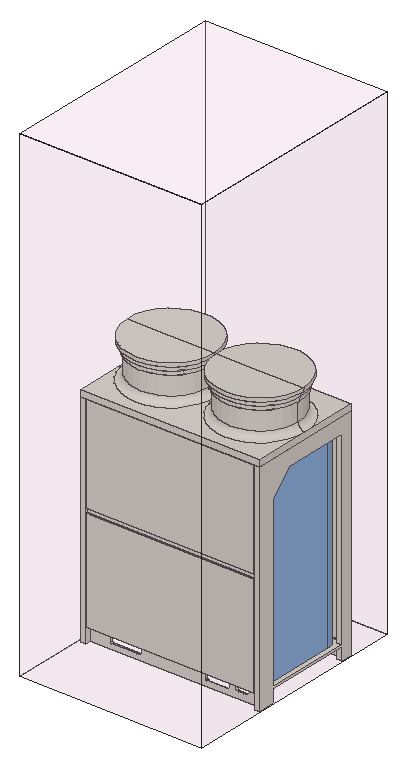
Revit family "BC_Hitachi_Air-365-Max-PRO_LOD400", category Equipement de génie climatique, Revit 2018
Family settings
  Cote de connecteur circulaire = Utiliser le diamètre
  Classification = Aucun
  Type d'élément = Normal
  Basée sur le plan de construction = Non
  Toujours verticalement = Oui
  Couper avec des vides une fois chargée = Non
  Partagée = Non
  Point de calcul de pièce = Non
Parameters (values of type "RAS-8FSXNP2E")
  Void offset V = 12 mm
  Void offset H = 0 mm
  Uniformat code = "D3040"
  Uniformat = "Distribution Systems"
  Sound Power (Heating) = 77
  Sound Power (Cooling) = 76
  Service space [instance] = yes
  Second outlet = yes
  Refrigerant Type = "R410a"
  Reference description = "OU Top Flow High Efficiency HP / HR 8,0 HP (22,4 kW) 400V/3 phase"
  Product Code = "7E335110"
  Overall width = 1208 mm
  Overall height = 1793 mm
  Overall depth = 770 mm
  Outlet offset = 302 mm
  OmniClass description = "Air Conditioners"
  OmniClass code = "23-33 39 11"
  Object type = ""
  Number of Poles = 3
  Nominal Voltage = 400 V
  Nominal Heating Capacity = 22400 W
  Nominal Current = 16.8 A
  Nominal Cooling Capacity = 22400 W
  Name BIM&CO = "Outdoor Unit"
  Modèle = "Air 365 Max Pro"
  Masterformat Code = "23 81 26"
  MasterFormat = "Split-System Air-Conditioners"
  Mass = 262.00 kg
  Manufacturer Product Link = ""
  Manufacturer = "Hitachi Air Conditioning Europe SAS"
  Low Pressure Gas Diameter = 19.05 mm
  Liquid pipe (inch) = "3/8"
  Liquid Diameter = 9.52 mm
  High Pressure Gas Diameter = 15.88 mm
  Gross Weight = 275.00 kg
  GTIN (Global Trade Item Number) = ""
  Frequency = 50 Hz
  Energy efficiency ratio (EER) = 4.02
  Diameter 1 = no
  Description = "Heat pump and Heat recovery modular top flow outdoors - high efficiency"
  Compressor Type = "Hermetic (vapor-injection scroll compressor )"
  Color = "L*=79.39, a*=0.00, b*=4.69*"
  Coefficient of Performance (COP) = 4.94
  BC_VARIANT_ID = "783728"
  BC_OBJECT_VERSION = "#3"  # constant formula
  BC_OBJECT_ID = "317348"  # constant formula
  BC_MODEL_ID = "1040547"  # constant formula
Types (8, lengths in mm): name | Void offset V | Void offset H | Sound Power (Heating) | Sound Power (Cooling) | Second outlet | Reference description | Product Code | Overall width | Outlet offset | Nominal Heating Capacity | Nominal Current | Nominal Cooling Capacity | Mass | Low Pressure Gas Diameter | Liquid pipe (inch) | Liquid Diameter | High Pressure Gas Diameter | Gross Weight | Energy efficiency ratio (EER) | Diameter 1 | Coefficient of Performance (COP) | BC_VARIANT_ID
  RAS-5FSXNP2E | 12 | 0 | 73 | 72 | no | "OU Top Flow High Efficiency HP / HR 5,0 HP (14,0 kW) 400V/3 phase" | "7E335108" | 948 | 0 | 14000 W | 11.5 A | 14000 W | 197.00 kg | 19.05 | "3/8" | 9.52 | 15.88 | 203.00 kg | 4.2 | yes | 5.29 | "783716"
  RAS-6FSXNP2E | 12 | 0 | 76 | 78 | no | "OU Top Flow High Efficiency HP / HR 6,0 HP (16,0 kW) 400V/3 phase" | "7E335109" | 948 | 0 | 16000 W | 13.3 A | 16000 W | 197.00 kg | 19.05 | "3/8" | 9.52 | 15.88 | 203.00 kg | 3.78 | yes | 4.69 | "783721"
  RAS-8FSXNP2E | 12 | 0 | 77 | 76 | yes | "OU Top Flow High Efficiency HP / HR 8,0 HP (22,4 kW) 400V/3 phase" | "7E335110" | 1208 | 302 | 22400 W | 16.8 A | 22400 W | 262.00 kg | 19.05 | "3/8" | 9.52 | 15.88 | 275.00 kg | 4.02 | no | 4.94 | "783728"
  RAS-10FSXNP2E | 12 | 0 | 82 | 81 | yes | "OU Top Flow High Efficiency HP / HR 10,0 HP (28,0 kW) 400V/3 phase" | "7E335111" | 1208 | 302 | 28000 W | 24.7 A | 28000 W | 262.00 kg | 22.2 | "3/8" | 9.52 | 19.05 | 275.00 kg | 3.68 | no | 4.66 | "783729"
  RAS-12FSXNP2E | 12 | 0 | 78 | 79 | yes | "OU Top Flow High Efficiency HP / HR 12,0 HP (33,5 kW) 400V/3 phase" | "7E335112" | 1208 | 302 | 33500 W | 28 A | 33500 W | 267.00 kg | 25.4 | "1/2" | 12.7 | 22.2 | 277.00 kg | 3.39 | no | 4.46 | "783730"
  RAS-14FSXNP2E | 12 | 0 | 80 | 81 | yes | "OU Top Flow High Efficiency HP / HR 14,0 HP (40,0 kW) 400V/3 phase" | "7E335130" | 1208 | 302 | 40000 W | 33.3 A | 40000 W | 267.00 kg | 25.4 | "1/2" | 12.7 | 22.2 | 277.00 kg | 2.64 | no | 4.15 | "783731"
  RAS-16FSXNP2E | 0 | 365.1 | 84 | 83 | yes | "OU Top Flow High Efficiency HP / HR 16,0 HP (45,0 kW) 400V/3 phase" | "7E335131" | 1598 | 399.5 | 45000 W | 34.2 A | 45000 W | 360.00 kg | 28.58 | "1/2" | 12.7 | 22.2 | 373.00 kg | 3.47 | yes | 4.17 | "783732"
  RAS-18FSXNP2E | 0 | 365.1 | 86 | 85 | yes | "OU Top Flow High Efficiency HP / HR 18,0 HP (50,0 kW) 400V/3 phase" | "7E335132" | 1598 | 399.5 | 50000 W | 43.3 A | 50000 W | 360.00 kg | 28.5 | "5/8" | 15.88 | 22.2 | 373.00 kg | 3.11 | yes | 3.76 | "783733"
Reference planes
  plane 1 "Centre (avant/arrière)": y = 0
  plane 2: z = 0
  plane 3 "Centre (gauche/droite)": x = 0
  plane 4: x = -604
  plane 5: x = 604
  plane 6: z = 1793
  plane 7: x = -302
  plane 8 "Air outlet": z = 1525.486
  plane 9 "Back": y = 385
  plane 10 "Front": y = -385
  plane 11: x = -570
  plane 12: x = 570
  plane 13: z = 1486
  plane 14: x = -569.6
  plane 15: x = 569.6
  plane 16: x = 302
  plane 17: x = 569.6
  plane 18: y = -392.5
  plane 19: y = -397
  plane 20: x = -379.201
  plane 21: x = -298.042
  plane 22: x = -233.301
  plane 23: x = -499.6
Forms (mm)
  Extrusion 1, solid, material "Hitach_Set-Free-Material"
    sketch origin (0, 0, 0) x (0, 1, 0) y (0, 0, 1)
      loop
        line (385, 0) -> (385, 1486) -> (-385, 1486) -> (-385, 0) -> (-271.421, 0) -> (-271.421, 1238.579) -> (-130, 1380) -> (310, 1380) -> (310, 0) -> (385, 0)
    from 570 to 604
  Extrusion 2, solid, material "Hitach_Set-Free-Material"
    sketch origin (0, 0, 0) x (1, 0, 0) y (0, 1, 0)
      loop
        line (-604, 385) -> (-604, -385) -> (604, -385) -> (604, 385) -> (-604, 385)
    from 1486 to 1525.486
  Extrusion 3, solid, material "Hitach_Set-Free-Material"
    sketch origin (0, 0, 0) x (1, 0, 0) y (0, 1, 0)
      loop
        line (570, 310) -> (570, 345) -> (-570, 345) -> (-570, 310) -> (-604, 310) -> (-604, -271.421) -> (-570, -271.421) -> (-570, -338.565) -> (570, -338.565) -> (570, -271.421) -> (604, -271.421) -> (604, 310) -> (570, 310)
    from 87.244 to 100
  Extrusion 4, solid, material "Hitach_Set-Free-Material"
    sketch origin (0, 0, 0) x (0, 1, 0) y (0, 0, -1)
      loop
        line (385, 0) -> (310, 0) -> (310, -1380) -> (-130, -1380) -> (-271.421, -1238.579) -> (-271.421, 0) -> (-385, 0) -> (-385, -1486) -> (385, -1486) -> (385, 0)
    from 570 to 604
  Extrusion 5, solid, material "Hitach_Set-Free-Material"
    sketch origin (0, 0, 0) x (0, 1, 0) y (0, 0, 1)
      loop
        line (-385, 1485.6) -> (-385, 100) -> (-345, 100) -> (-345, 1485.6) -> (-385, 1485.6)
      loop
        line (345, 1485.6) -> (345, 87.244) -> (385, 87.244) -> (385, 1485.6) -> (345, 1485.6)
    from -569.6 to 569.6
  Extrusion 6, solid, material "Hitach_Set-Free-Material-Blue"
    sketch origin (0, 0, 0) x (1, 0, 0) y (0, 1, 0)
      loop
        arc (-470, 338.565) -> (-540.711, 309.276) -> (-570, 238.565) r 100
        line (-570, 238.565) -> (-570, -245)
        arc (-570, -245) -> (-540.711, -315.711) -> (-470, -345) r 100
        line (-470, -345) -> (470, -345)
        arc (470, -345) -> (540.711, -315.711) -> (570, -245) r 100
        line (570, -245) -> (570, 238.565)
        arc (570, 238.565) -> (540.711, 309.276) -> (470, 338.565) r 100
        line (470, 338.565) -> (-470, 338.565)
    from 100 to 1414.987
  Extrusion 7, void
    sketch origin (0, 0, 0) x (0, 1, 0) y (0, 0, 1)
      loop
        line (-380.5, 824) -> (-385, 824) -> (-385, 795) -> (-380.5, 795) -> (-380.5, 824)
    from -569.6 to 569.6
  Extrusion 8, void
    sketch origin (0, 0, 0) x (1, 0, 0) y (0, 1, 0)
      loop
        line (302, -392.5) -> (302, -397) -> (316.5, -397) -> (316.5, -392.5) -> (302, -392.5)
    from 100 to 1486
  Extrusion 9, solid, not visible
    sketch origin (0, -385, 0) x (0, 0, 1) y (1, 0, 0)
      loop
        circle (284.561, -379.201) r 35
      loop
        circle (290.804, -298.042) r 25
      loop
        circle (291.062, -233.301) r 15
    from 0 to 4.5
  Extrusion 10, solid, not visible
    sketch origin (0, -385, 0) x (0, 0, 1) y (1, 0, 0)
      loop
        circle (885.725, -499.6) r 25
    from 0 to 4.5
  Extrusion 11, solid, material "CALC_Zone de maintenance", visible <- "Service space"
    sketch origin (0, 0, 0) x (1, 0, 0) y (0, 1, 0)
      loop
        line (-614, 685) -> (-614, -885) -> (614, -885) -> (614, 685) -> (-614, 685)
    from 0 to 3293
Cuts and joins
  Extrusion 7, Extrusion 8 cuts Extrusion 5
  joined: Extrusion 1, Extrusion 3, Extrusion 4, Extrusion 5
Lines and regions (mm)
  model lines
    curve 1: line (-569.6, -385, 330) -> (-179.6, -385, 330)
    curve 2: line (-145, -385, 100) -> (-145, -385, 295.4)
    curve 3: arc (-179.6, -385, 330) -> (-155.134, -385, 319.866) -> (-145, -385, 295.4) r 34.6
    curve 4: line (-366.094, -385, 229.415) -> (-236.094, -385, 229.415)
    curve 5: line (-366.094, -385, 129.415) -> (-366.094, -385, 229.415)
    curve 6: line (-236.094, -385, 129.415) -> (-366.094, -385, 129.415)
    curve 7: line (-236.094, -385, 229.415) -> (-236.094, -385, 129.415)
    curve 8: line (-223.025, -385, 229.415) -> (-155.393, -385, 229.415)
    curve 9: line (-223.025, -385, 129.415) -> (-223.025, -385, 229.415)
    curve 10: line (-155.393, -385, 129.415) -> (-223.025, -385, 129.415)
    curve 11: line (-155.393, -385, 229.415) -> (-155.393, -385, 129.415)
    curve 12: circle (-379.201, -385, 284.561) r 35 normal (0, 1, 0)
    curve 13: circle (-298.042, -385, 290.804) r 25 normal (0, 1, 0)
    curve 14: circle (-233.301, -385, 291.062) r 15 normal (0, 1, 0)
Dimensions and locks
  equal spacing: plane 5, plane 3 "Centre (gauche/droite)", plane 4
  "Overall width": plane 5 to plane 4
  "Overall height": plane 6 to plane 2
  locked: plane 11 to plane 4 at 34
  locked: plane 12 to plane 5 at 34
  locked: plane 14 to plane 11 at 0.4
  locked: plane 15 to plane 12 at 0.4
  "Outlet offset": plane 7 to plane 3 "Centre (gauche/droite)"
  "Outlet offset": plane 3 "Centre (gauche/droite)" to plane 16
  curve 2 to curve 11 to curve 9 to curve 7 to curve 5 to plane 14 = 10.393 mm locked, 67.632 mm locked, 13.068 mm locked, 130 mm locked, 203.506 mm locked
  "Void offset H": plane 15 to plane 17
  locked: plane 18 to plane 19 at 4.5
  "Void offset V": plane 10 "Front" to plane 19
  locked: plane 20 to plane 14 at 190.399
  locked: plane 21 to plane 20 at 81.159
  locked: plane 22 to plane 21 at 64.741
  locked: plane 23 to plane 14 at 70
  locked: Extrusion 11 sketch curve to plane 4 at 10
  locked: Extrusion 11 sketch curve to plane 9 "Back" at 300
  locked: plane 10 "Front" to Extrusion 11 sketch curve at 500
  locked: plane 5 to Extrusion 11 sketch curve at 10
  radius of curve 3 = 34.6 mm
  diameter of Extrusion 9 sketch curve = 70 mm
  diameter of Extrusion 9 sketch curve = 50 mm
  diameter of Extrusion 9 sketch curve = 30 mm
  aligned and locked: level to plane 2
  aligned and locked: nested 1 to plane 8 "Air outlet"
  aligned and locked: plane 7 to nested 1
  aligned and locked: plane 1 "Centre (avant/arrière)" to nested 1
  aligned and locked: Extrusion 2 sketch curve to plane 9 "Back"
  aligned and locked: plane 5 to Extrusion 2 sketch curve
  aligned and locked: plane 10 "Front" to Extrusion 2 sketch curve
  aligned and locked: plane 4 to Extrusion 2 sketch curve
  aligned and locked: plane 5 to Extrusion 3 sketch curve
  aligned and locked: plane 4 to Extrusion 3 sketch curve
  aligned and locked: Extrusion 4 to plane 4
  aligned and locked: plane 10 "Front" to Extrusion 5 sketch curve
  aligned and locked: Extrusion 5 sketch curve to plane 9 "Back"
  aligned and locked: Extrusion 5 to plane 14
  aligned and locked: Extrusion 5 to plane 15
  aligned and locked: Extrusion 3 sketch curve to plane 12
  aligned and locked: Extrusion 3 sketch curve to plane 11  (x2)
  aligned and locked: plane 12 to Extrusion 3 sketch curve
  aligned and locked: nested 2 to plane 16
  aligned and locked: plane 1 "Centre (avant/arrière)" to nested 2
  aligned and locked: cut or joined group of Extrusion 1, Extrusion 3, Extrusion 4, Extrusion 5, Extrusion 7, Extrusion 8 to plane 5
  aligned and locked: plane 11 to cut or joined group of Extrusion 1, Extrusion 3, Extrusion 4, Extrusion 5, Extrusion 7, Extrusion 8
  aligned and locked: plane 12 to cut or joined group of Extrusion 1, Extrusion 3, Extrusion 4, Extrusion 5, Extrusion 7, Extrusion 8
  aligned and locked: Extrusion 7 to plane 14
  aligned and locked: plane 17 to cut or joined group of Extrusion 1, Extrusion 3, Extrusion 4, Extrusion 5, Extrusion 7, Extrusion 8
  aligned and locked: plane 18 to Extrusion 8
  aligned and locked: Extrusion 8 to plane 19
  aligned and locked: plane 3 "Centre (gauche/droite)" to nested 3
  aligned and locked: plane 20 to Extrusion 9 sketch curve
  aligned and locked: plane 21 to Extrusion 9 sketch curve
  aligned and locked: plane 22 to Extrusion 9 sketch curve
Automatic sketch dimensions
  Extrusion 1 sketch curve to level = 0 mm  (x2)
  Extrusion 1 sketch curve to plane 10 "Front" = 0 mm
  Extrusion 1 sketch curve to plane 9 "Back" = 0 mm
  Extrusion 1 sketch curve to plane 13 = 0 mm
  Extrusion 1 sketch curve to Extrusion 1 sketch curve = 113.579 mm
  plane 1 "Centre (avant/arrière)" to Extrusion 1 sketch curve = 130 mm
  Extrusion 1 sketch curve to plane 9 "Back" = 75 mm
  Extrusion 1 sketch curve to plane 13 = 106 mm
  Extrusion 1 sketch curve to Extrusion 1 sketch curve = 0 mm
  Extrusion 1 sketch curve to Extrusion 1 sketch curve = 141.421 mm
  plane 10 "Front" to Extrusion 3 sketch curve = 46.435 mm
  Extrusion 3 sketch curve to Extrusion 3 sketch curve = 67.144 mm  (x2)
  Extrusion 3 sketch curve to plane 9 "Back" = 75 mm  (x2)
  Extrusion 3 sketch curve to Extrusion 3 sketch curve = 35 mm
  Extrusion 4 sketch curve to level = 0 mm  (x2)
  Extrusion 4 sketch curve to plane 10 "Front" = 0 mm
  Extrusion 4 sketch curve to plane 9 "Back" = 0 mm
  Extrusion 4 sketch curve to plane 13 = 0 mm
  Extrusion 4 sketch curve to Extrusion 4 sketch curve = 113.579 mm
  plane 1 "Centre (avant/arrière)" to Extrusion 4 sketch curve = 130 mm
  Extrusion 4 sketch curve to plane 9 "Back" = 75 mm
  Extrusion 4 sketch curve to plane 13 = 106 mm
  Extrusion 4 sketch curve to Extrusion 4 sketch curve = 0 mm
  Extrusion 4 sketch curve to Extrusion 4 sketch curve = 141.421 mm
  plane 10 "Front" to Extrusion 5 sketch curve = 40 mm
  Extrusion 5 sketch curve to plane 13 = 0.4 mm  (x2)
  Extrusion 5 sketch curve to Extrusion 5 sketch curve = 40 mm
  level to Extrusion 5 sketch curve = 100 mm
  level to Extrusion 5 sketch curve = 87.244 mm
  Extrusion 6 sketch curve to plane 11 = 0 mm
  Extrusion 6 sketch curve to plane 12 = 0 mm
  plane 10 "Front" to Extrusion 6 sketch curve = 40 mm
  plane 14 to Extrusion 6 sketch curve = 99.6 mm  (x2)
  plane 15 to Extrusion 6 sketch curve = 99.6 mm  (x2)
  Extrusion 6 sketch curve to plane 9 "Back" = 46.435 mm
  Extrusion 7 sketch curve to plane 10 "Front" = 0 mm
  Extrusion 7 sketch curve to Extrusion 7 sketch curve = 4.5 mm
  level to Extrusion 7 sketch curve = 795 mm
  Extrusion 7 sketch curve to Extrusion 7 sketch curve = 29 mm
  Extrusion 8 sketch curve to plane 10 "Front" = 12 mm
  Extrusion 8 sketch curve to plane 16 = 0 mm
  Extrusion 8 sketch curve to plane 18 = 0 mm
  Extrusion 8 sketch curve to Extrusion 8 sketch curve = 14.5 mm
  level to Extrusion 9 sketch curve = 284.561 mm
  Extrusion 9 sketch curve to Extrusion 9 sketch curve = 6.243 mm
  Extrusion 9 sketch curve to Extrusion 9 sketch curve = 0.258 mm
  Extrusion 10 sketch curve to plane 23 = 0 mm
  Extrusion 10 sketch curve to plane 13 = 600.275 mm
  curve 12 to plane 20 = 0 mm
  curve 13 to plane 21 = 0 mm
  curve 14 to plane 22 = 0 mm
  curve 1 to plane 14 = 0 mm
  level to curve 1 = 330 mm
  curve 14 to curve 3 = 4.338 mm
  curve 13 to curve 14 = 0.258 mm
  curve 12 to curve 13 = 6.243 mm
  curve 8 to curve 2 = 65.985 mm
  curve 4 to curve 8 = 0 mm
  curve 5 to curve 4 = 100 mm
  curve 9 to curve 6 = 0 mm
  curve 2 to curve 10 = 29.415 mm
  radius of Extrusion 10 sketch curve = 25 mm
  radius of curve 12 = 35 mm
  radius of curve 13 = 25 mm
  radius of curve 14 = 15 mm
Nested families
  nested 1: "Hitachi_Air-365-Max-Air-outlet" at (-302, 0, 1525.486), type "Hitachi_Air-365-Max-Air-outlet"
  nested 2: "Hitachi_Air-365-Max-Air-outlet" at (302, 0, 1525.486), visible <- "Second outlet", type "Hitachi_Air-365-Max-Air-outlet"
  nested 3: "Hitachi_Air-365-Max-Forklift-profil" at (0, -338.573, 0), type "Hitachi_Air-365-Max-Forklift-profil"
  nested 4: "Hitachi_Air-365-Max-Forklift-profil" at (0, 349.765, 0), type "Hitachi_Air-365-Max-Forklift-profil"
Connectors
  piping at (-379.201, -385, 284.561), diameter 9.52, driven by "Liquid Diameter"
    settings: on Extrusion 9, index 1, connector inside diameter 609.6 mm, connector length 0 mm, flow factor 0, pipe flow 0.0 L/s, pressure drop 0.0 Pa, fitting loss kfactor 0, connector angle 0.00°, fixture units 0, engagement length 0 mm, angle of deflection 0.00°, flow configuration 0, flow direction 0, fitting loss method 0, system type 22, joint type 0, gender type 0, connector reference index -1, connector utility 0, adjustable connector no, is connector primary yes, connector description "Liquid Line Refrigerant Piping Connection"
  piping at (-298.042, -385, 290.804), diameter 15.88, driven by "High Pressure Gas Diameter"
    settings: on Extrusion 9, index 2, connector inside diameter 609.6 mm, connector length 0 mm, flow factor 0, pipe flow 0.0 L/s, pressure drop 0.0 Pa, fitting loss kfactor 0, connector angle 0.00°, fixture units 0, engagement length 0 mm, angle of deflection 0.00°, flow configuration 0, flow direction 0, fitting loss method 0, system type 22, joint type 0, gender type 0, connector reference index -1, connector utility 0, adjustable connector no, is connector primary no, connector description "Gas Line Refrigerant Piping Connection (High/Low Pressure)"
  piping at (-233.301, -385, 291.062), diameter 19.05, driven by "Low Pressure Gas Diameter"
    settings: on Extrusion 9, index 3, connector inside diameter 609.6 mm, connector length 0 mm, flow factor 0, pipe flow 0.0 L/s, pressure drop 0.0 Pa, fitting loss kfactor 0, connector angle 0.00°, fixture units 0, engagement length 0 mm, angle of deflection 0.00°, flow configuration 0, flow direction 0, fitting loss method 0, system type 22, joint type 0, gender type 0, connector reference index -1, connector utility 0, adjustable connector no, is connector primary no, connector description "Gas Line Refrigerant Piping Connection (Low Pressure)"
  electrical at (-499.6, -385, 885.725), driven by "Nominal Voltage"
    settings: on Extrusion 10, index 4, voltage 400 V, apparent load 0 VA, apparent load phase1 0 VA, apparent load phase2 0 VA, apparent load phase3 0 VA, power factor 1, load classification "Autre", number of poles 1, system type 31, power factor state 1, is connector primary yes, connector utility no, sub classification motor no, connector description ""
Definition of nested family "Hitachi_Air-365-Max-Air-outlet"
  Parameters (values of type "Hitachi_Air-365-Max-Air-outlet")
    Diameter 2 = not(Diameter 1)  # yes
    Diameter 1 = no
  Reference planes
    plane 1 "Centre (avant/arrière)": y = 0
    plane 2: z = 0
    plane 3 "Centre (gauche/droite)": x = 0
    plane 4 "Grid": z = 267.514
  Forms (mm)
    Revolve 1, solid, visible <- "Diameter 1"
      sketch origin (0, 0, -1525.486) x (1, 0, 0) y (0, 0, 1)
        loop
          line (0, 1793) -> (-370, 1793) -> (-370, 1768.845) -> (-352.857, 1758.948) -> (-352.857, 1733.948) -> (-344.197, 1728.948) -> (-344.197, 1703.948) -> (-331.206, 1696.448) -> (-331.206, 1571.448)
          arc (-331.206, 1571.448) -> (-344.668, 1538.948) -> (-377.168, 1525.486) r 45.962
          line (-377.168, 1525.486) -> (0, 1525.486) -> (0, 1793)
        axis (0, 1793) -> (0, 1525.486)
      angle from 0 to 360
    Revolve 2, solid, visible <- "Diameter 2"
      sketch origin (0, 0, -1525.486) x (1, 0, 0) y (0, 0, 1)
        loop
          line (0, 1793) -> (-294.832, 1793) -> (-294.832, 1768.845) -> (-277.689, 1758.948) -> (-277.689, 1733.948) -> (-269.028, 1728.948) -> (-269.028, 1703.948) -> (-256.038, 1696.448) -> (-256.038, 1571.448)
          arc (-256.038, 1571.448) -> (-269.5, 1538.948) -> (-302, 1525.486) r 45.962
          line (-302, 1525.486) -> (0, 1525.486) -> (0, 1793)
        axis (0, 1793) -> (0, 1525.486)
      angle from 0 to 360
  Lines and regions (mm)
    model lines
      curve 1: circle (0, 0, 267.514) r 90 normal (0, 0, 1)
      curve 2: circle (0, 0, 267.514) r 110 normal (0, 0, 1)
      curve 3: circle (0, 0, 267.514) r 130 normal (0, 0, 1)
      curve 4: circle (0, 0, 267.514) r 150 normal (0, 0, 1)
      curve 5: circle (0, 0, 267.514) r 170 normal (0, 0, 1)
      curve 6: circle (0, 0, 267.514) r 190 normal (0, 0, 1)
      curve 7: circle (0, 0, 267.514) r 210 normal (0, 0, 1)
      curve 8: circle (0, 0, 267.514) r 230 normal (0, 0, 1)
      curve 13: line (0, 90, 267.514) -> (0, 310, 267.514)
      curve 14: line (90, 0, 267.514) -> (310, 0, 267.514)
      curve 15: line (0, -90, 267.514) -> (0, -310, 267.514)
      curve 16: line (-90, 0, 267.514) -> (-310, 0, 267.514)
      curve 17: line (63.64, 63.64, 267.514) -> (219.203, 219.203, 267.514)
      curve 18: line (63.64, -63.64, 267.514) -> (219.203, -219.203, 267.514)
      curve 19: line (-63.64, -63.64, 267.514) -> (-219.203, -219.203, 267.514)
      curve 20: line (-63.64, 63.64, 267.514) -> (-219.203, 219.203, 267.514)
    model lines, visible <- "Diameter 1"
      curve 9: circle (0, 0, 267.514) r 250 normal (0, 0, 1)
      curve 10: circle (0, 0, 267.514) r 270 normal (0, 0, 1)
      curve 11: circle (0, 0, 267.514) r 290 normal (0, 0, 1)
      curve 12: circle (0, 0, 267.514) r 310 normal (0, 0, 1)
  Dimensions and locks
    aligned and locked: level to plane 2
Definition of nested family "Hitachi_Air-365-Max-Forklift-profil"
  Parameters (values of type "Hitachi_Air-365-Max-Forklift-profil")
    Profil 3 = if(Length = 1598 mm, 1 = 1, 1 = 0)  # no
    Profil 2 = if(Length = 1208 mm, 1 = 1, 1 = 0)  # yes
    Profil 1 = if(Length = 948 mm, 1 = 1, 1 = 0)  # no
    Length = 1208 mm
  Reference planes
    plane 1 "Centre (avant/arrière)": y = 0
    plane 2: z = 0
    plane 3 "Centre (gauche/droite)": x = 0
  Forms (mm)
    Extrusion 1, solid, visible <- "Profil 2"
      sketch origin (-163.882, 0, 0) x (1, 0, 0) y (0, 0, 1)
        loop
          arc (600.882, 87.244) -> (580.882, 67.244) -> (600.882, 47.244) r 20
          line (600.882, 47.244) -> (652.882, 47.244)
          arc (652.882, 47.244) -> (672.882, 67.244) -> (652.882, 87.244) r 20
          line (652.882, 87.244) -> (600.882, 87.244)
        loop
          arc (-267.118, 45.244) -> (-264.19, 38.173) -> (-257.118, 35.244) r 10
          line (-257.118, 35.244) -> (-67.118, 35.244)
          arc (-67.118, 35.244) -> (-60.047, 38.173) -> (-57.118, 45.244) r 10
          line (-57.118, 45.244) -> (-57.118, 77.244)
          arc (-57.118, 77.244) -> (-60.047, 84.315) -> (-67.118, 87.244) r 10
          line (-67.118, 87.244) -> (-257.118, 87.244)
          arc (-257.118, 87.244) -> (-264.19, 84.315) -> (-267.118, 77.244) r 10
          line (-267.118, 77.244) -> (-267.118, 45.244)
        loop
          arc (377.882, 45.244) -> (380.81, 38.173) -> (387.882, 35.244) r 10
          line (387.882, 35.244) -> (527.882, 35.244)
          arc (527.882, 35.244) -> (534.953, 38.173) -> (537.882, 45.244) r 10
          line (537.882, 45.244) -> (537.882, 77.244)
          arc (537.882, 77.244) -> (534.953, 84.315) -> (527.882, 87.244) r 10
          line (527.882, 87.244) -> (387.882, 87.244)
          arc (387.882, 87.244) -> (380.81, 84.315) -> (377.882, 77.244) r 10
          line (377.882, 77.244) -> (377.882, 45.244)
        loop
          line (-406.118, 0) -> (733.882, 0) -> (733.882, 100) -> (-406.118, 100) -> (-406.118, 0)
      from 0 to 11.2
    Extrusion 2, solid, visible <- "Profil 1"
      sketch origin (0, 0, 0) x (1, 0, 0) y (0, 0, 1)
        loop
          arc (-359, 87.244) -> (-379, 67.244) -> (-359, 47.244) r 20
          line (-359, 47.244) -> (-307, 47.244)
          arc (-307, 47.244) -> (-287, 67.244) -> (-307, 87.244) r 20
          line (-307, 87.244) -> (-359, 87.244)
        loop
          arc (-235, 45.244) -> (-232.071, 38.173) -> (-225, 35.244) r 10
          line (-225, 35.244) -> (-35, 35.244)
          arc (-35, 35.244) -> (-27.929, 38.173) -> (-25, 45.244) r 10
          line (-25, 45.244) -> (-25, 77.244)
          arc (-25, 77.244) -> (-27.929, 84.315) -> (-35, 87.244) r 10
          line (-35, 87.244) -> (-225, 87.244)
          arc (-225, 87.244) -> (-232.071, 84.315) -> (-235, 77.244) r 10
          line (-235, 77.244) -> (-235, 45.244)
        loop
          arc (219, 45.244) -> (221.929, 38.173) -> (229, 35.244) r 10
          line (229, 35.244) -> (369, 35.244)
          arc (369, 35.244) -> (376.071, 38.173) -> (379, 45.244) r 10
          line (379, 45.244) -> (379, 77.244)
          arc (379, 77.244) -> (376.071, 84.315) -> (369, 87.244) r 10
          line (369, 87.244) -> (229, 87.244)
          arc (229, 87.244) -> (221.929, 84.315) -> (219, 77.244) r 10
          line (219, 77.244) -> (219, 45.244)
        loop
          line (-440, 0) -> (440, 0) -> (440, 100) -> (-440, 100) -> (-440, 0)
      from 0 to 11.2
    Extrusion 3, solid, visible <- "Profil 3"
      sketch origin (-163.882, 0, 0) x (1, 0, 0) y (0, 0, 1)
        loop
          arc (795.382, 87.244) -> (775.382, 67.244) -> (795.382, 47.244) r 20
          line (795.382, 47.244) -> (847.382, 47.244)
          arc (847.382, 47.244) -> (867.382, 67.244) -> (847.382, 87.244) r 20
          line (847.382, 87.244) -> (795.382, 87.244)
        loop
          arc (-489.618, 45.244) -> (-486.69, 38.173) -> (-479.618, 35.244) r 10
          line (-479.618, 35.244) -> (-289.618, 35.244)
          arc (-289.618, 35.244) -> (-282.547, 38.173) -> (-279.618, 45.244) r 10
          line (-279.618, 45.244) -> (-279.618, 77.244)
          arc (-279.618, 77.244) -> (-282.547, 84.315) -> (-289.618, 87.244) r 10
          line (-289.618, 87.244) -> (-479.618, 87.244)
          arc (-479.618, 87.244) -> (-486.69, 84.315) -> (-489.618, 77.244) r 10
          line (-489.618, 77.244) -> (-489.618, 45.244)
        loop
          arc (451.382, 45.244) -> (454.31, 38.173) -> (461.382, 35.244) r 10
          line (461.382, 35.244) -> (601.382, 35.244)
          arc (601.382, 35.244) -> (608.453, 38.173) -> (611.382, 45.244) r 10
          line (611.382, 45.244) -> (611.382, 77.244)
          arc (611.382, 77.244) -> (608.453, 84.315) -> (601.382, 87.244) r 10
          line (601.382, 87.244) -> (461.382, 87.244)
          arc (461.382, 87.244) -> (454.31, 84.315) -> (451.382, 77.244) r 10
          line (451.382, 77.244) -> (451.382, 45.244)
        loop
          line (-601.618, 0) -> (929.382, 0) -> (929.382, 100) -> (-601.618, 100) -> (-601.618, 0)
        loop
          arc (-184.618, 45.244) -> (-181.69, 38.173) -> (-174.618, 35.244) r 10
          line (-174.618, 35.244) -> (-34.618, 35.244)
          arc (-34.618, 35.244) -> (-27.547, 38.173) -> (-24.618, 45.244) r 10
          line (-24.618, 45.244) -> (-24.618, 77.244)
          arc (-24.618, 77.244) -> (-27.547, 84.315) -> (-34.618, 87.244) r 10
          line (-34.618, 87.244) -> (-174.618, 87.244)
          arc (-174.618, 87.244) -> (-181.69, 84.315) -> (-184.618, 77.244) r 10
          line (-184.618, 77.244) -> (-184.618, 45.244)
      from 0 to 11.2
  Dimensions and locks
    aligned and locked: level to plane 2
